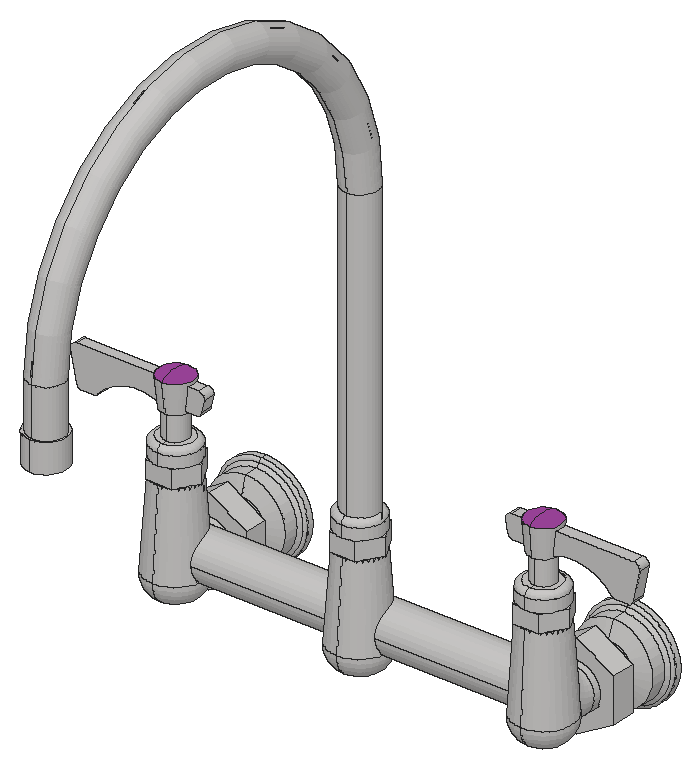
Revit family "Krowne_14-802L_WallMount_Faucet", category Plumbing Fixtures, Revit 2018
Family settings
  Round Connector Dimension = Use Diameter
  Part Type = Normal
  OmniClass Number = 23.40.40.00
  OmniClass Title = Food Service Equipment and Furnishings
  Work Plane-Based = No
  Always vertical = Yes
  Cut with Voids When Loaded = No
  Shared = No
  Room Calculation Point = No
Parameters (values of type "DefaultType")
  Width = 12"
  Weight in Pounds = 5
  Watermarked By = ""
  Waste Water Discharge Temperature [instance] = -459.67 °F
  URL Cutsheet = ""
  URL = "https://krowne.com/"
  Status [instance] = ""
  Specification by User [instance] = ""
  Specification by Manufacturer [instance] = ""
  Serial Number [instance] = ""
  Revision Code [instance] = ""
  Plumbing Remarks [instance] = ""
  Plumbing Connection Type = ""
  NAFEM Spec ID Number [instance] = ""
  Model = "14-802L"
  Masterspec [instance] = ""
  Manufacturer = "Krowne Metal"
  KCLRef = "KCL2C9,,0004c576-0000-0000-0000-000000000307,KR,14-802L ,637099800680000000,c64d4556-9eae-4a66-8f8a-d065013fd965,1413a27f-e5d5-4681-b70d-183254c7a9d2"
  KCL SpecSheet URL = "http://kclweb.kclcad.com/imagehandler.ashx?kdoc=14-8xx&R=KR&M=14-802L%20&VC=7&TID=KCLWeb&T=doc"
  Item Number [instance] = "-"
  Installed By [instance] = ""
  Hot Water Temperature = 100 °F
  Hot Water Size = 1/2"
  Hot Water RI Height [instance] = 0"
  Hot Water Minimum Pressure = 0.00 psi
  Hot Water Maximum Pressure = 0.00 psi
  Hot Water Flow = 1.8 GPM
  Hot Water Consumption = 0 GPM
  Hot Water Connection Height = 0"
  Height = 3 15/16"
  Furnished By [instance] = ""
  Foodservice Equipment Identifier = yes
  Description = "Wall Mount Faucet"
  Depth = 1 7/8"
  Cold Water Temperature Recommended = -459.67 °F
  Cold Water Size = 1/2"
  Cold Water RI Height [instance] = 0"
  Cold Water Minimum Pressure = 0.00 psi
  Cold Water Maximum Pressure = 0.00 psi
  Cold Water Flow = 1.8 GPM
  Cold Water Consumption = ""
  Cold Water Connection Height = 0"
  CSI MasterFormat = ""
  Assembly Code = "E1090300"
Reference planes
  plane 1 "BACK": y = 0
  plane 2: z = 0
  plane 3 "LEFT": x = -471.569
  plane 4 "RIGHT": x = -166.769
  plane 5 "TOP": z = 100.013
  plane 6 "CENTER L/R": x = -319.169
  plane 7 "Top of Body": z = 44.45
  plane 8: y = -62.38
  plane 9: z = 377.825
  plane 10: z = 217.488
  plane 11: y = -279.4
Forms (mm)
  Sweep 1, solid, material "QF_Stainless-Polished"
    path origin (-319.169, 0, 0) x (0, 1, 0) y (0, 0, 1)
      loop
        line (-62.38, 44.45) -> (-62.38, 259.79)
        arc (-62.38, 259.79) -> (-170.89, 368.3) -> (-279.4, 259.79) r 108.51
        line (-279.4, 259.79) -> (-279.4, 217.488)
    profile origin (-319.169, -62.38, 152.12) x (0, -1, 0) y (1, 0, 0)
      loop
        circle (0, 0) r 9.525
      loop
        circle (0, 0) r 6.35
  Extrusion 2, solid, material "QF_Stainless-Polished"
    sketch origin (-319.169, -279.4, 217.488) x (0, -1, 0) y (-1, 0, 0)
      loop
        circle (0, 0) r 9.525
      loop
        circle (0, 0) r 11.113
    from 0 to -15.875
Lines and regions (mm)
  symbolic lines
    curve 1: arc (-319.169, -71.905, 0) -> (-328.694, -62.38, 0) -> (-319.169, -52.855, 0) r 9.525
    curve 2: arc (-319.169, -52.855, 0) -> (-309.644, -62.38, 0) -> (-319.169, -71.905, 0) r 9.525
    curve 3: arc (-328.694, -279.4, 0) -> (-325.905, -286.135, 0) -> (-319.169, -288.925, 0) r 9.525
    curve 4: arc (-319.169, -288.925, 0) -> (-312.434, -286.135, 0) -> (-309.644, -279.4, 0) r 9.525
    curve 5: line (-328.694, -279.4, 0) -> (-328.694, -62.38, 0)
    curve 6: line (-309.644, -62.38, 0) -> (-309.644, -279.4, 0)
Dimensions and locks
  "Width": plane 3 "LEFT" to plane 4 "RIGHT"
  "Height": plane 5 "TOP" to plane 2
  plane 7 "Top of Body" to level = 1 3/4"
  equal spacing: plane 3 "LEFT", plane 6 "CENTER L/R", plane 4 "RIGHT"
  plane 11 to plane 1 "BACK" = 11"
  plane 10 to plane 5 "TOP" = 4 5/8"
  plane 9 to plane 5 "TOP" = 10 15/16"
  aligned and locked: level to plane 2
  aligned and locked: plane 8 to Sweep 1 sketch curve
  aligned and locked: Sweep 1 sketch curve to plane 11
  aligned and locked: plane 10 to Sweep 1 sketch curve
Automatic sketch dimensions
  Sweep 1 sketch curve to plane 7 "Top of Body" = 0"
  plane 10 to Sweep 1 sketch curve = 1.66544"
  Sweep 1 sketch curve to Sweep 1 sketch curve = 0"  (x2)
  Sweep 1 sketch curve to plane 6 "CENTER L/R" = 0"
  Sweep 1 sketch curve to profile plane = 0"
  curve 3 to curve 4 = 0"
  plane 11 to curve 5 = 0"
  plane 8 to curve 5 = 0"
  curve 1 to plane 6 "CENTER L/R" = 0"
  plane 8 to curve 6 = 0"
  plane 8 to curve 1 = 0"
  curve 5 to curve 3 = 3/8"
  radius of Sweep 1 sketch curve = 3/8"
  radius of Sweep 1 sketch curve = 1/4"
  radius of Extrusion 2 sketch curve to Sweep 1 = 0"
  radius of Sweep 1 to Extrusion 2 sketch curve = 1/16"
Nested families
  nested 1: "QF_Krowne_14-8_Body" at (-4.763, 0, 0), type "QF_Krowne_14-8_Body"
Connectors
  piping at (-420.769, 6.35, 37.306), diameter 12.7, driven by "Hot Water Flow", driven by "Hot Water Size"
    settings: on nested 1, index 1, connector inside diameter 24", connector length 0", flow factor 0, pipe flow 1.8 GPM, pressure drop 0.00 psi, fitting loss kfactor 0, connector angle 0.00°, fixture units 0, engagement length 0", angle of deflection 0.00°, flow configuration 1, flow direction 1, fitting loss method 0, system type 19, joint type 0, gender type 0, connector reference index -1, connector utility 0, adjustable connector no, is connector primary yes, connector description "HOT WATER"
  piping at (-217.569, 6.35, 37.306), diameter 12.7, driven by "Cold Water Flow", driven by "Cold Water Size"
    settings: on nested 1, index 2, connector inside diameter 24", connector length 0", flow factor 0, pipe flow 1.8 GPM, pressure drop 0.00 psi, fitting loss kfactor 0, connector angle 0.00°, fixture units 0, engagement length 0", angle of deflection 0.00°, flow configuration 1, flow direction 1, fitting loss method 0, system type 20, joint type 0, gender type 0, connector reference index -1, connector utility 0, adjustable connector no, is connector primary no, connector description "COLD WATER"
Definition of nested family "QF_Krowne_14-8_Body"
  Parameters (values of type "QF_Krowne_14-8_Body")
    Width = 12 3/8"
    Watermarked By = ""
    Height = 3 7/8"
    Description = ""
    Depth = 4 15/16"
  Reference planes
    plane 1 "BACK": y = 0
    plane 2: z = 0
    plane 3 "LEFT": x = -471.569
    plane 4 "RIGHT": x = -157.244
    plane 5 "TOP": z = 128.588
    plane 6 "Center": x = -314.407
    plane 7 "Left of Handle": x = -416.007
    plane 8 "Right of Handle": x = -212.807
    plane 9 "Center of Handles": y = -125.412
    plane 10 "Top of Body": z = 74.612
    plane 11: x = -444.582
    plane 12: x = -184.232
    plane 13 "Faucet Handle Center": y = -62.706
    plane 14: y = -59.531
    plane 15: y = -65.881
    plane 16: z = 37.306
  Forms (mm)
    Extrusion 1, solid
      sketch origin (0, 0, 80.962) x (0, 1, 0) y (-1, 0, 0)
        loop
          line (-62.38, 401.719) -> (-50.006, 408.863) -> (-50.006, 423.151) -> (-62.38, 430.294) -> (-74.753, 423.151) -> (-74.753, 408.863) -> (-62.38, 401.719)
        loop
          line (-62.38, 198.519) -> (-50.006, 205.663) -> (-50.006, 219.951) -> (-62.38, 227.094) -> (-74.753, 219.951) -> (-74.753, 205.663) -> (-62.38, 198.519)
        loop
          line (-62.38, 300.119) -> (-50.006, 307.263) -> (-50.006, 321.551) -> (-62.38, 328.694) -> (-74.753, 321.551) -> (-74.753, 307.263) -> (-62.38, 300.119)
      from 0 to 9.525
    Revolve 2, solid
      sketch origin (-416.007, 0, 0) x (0, 1, 0) y (0, 0, 1)
        loop
          line (-62.706, 90.488) -> (-50.006, 90.488) -> (-50.006, 96.838)
          arc (-50.006, 96.838) -> (-50.936, 99.083) -> (-53.181, 100.013) r 3.175
          line (-53.181, 100.013) -> (-62.706, 100.013) -> (-62.706, 90.488)
        axis (-62.706, 90.488) -> (-62.706, 100.013)
      angle from 0 to 360
    Revolve 3, solid
      sketch origin (-212.807, 0, 0) x (0, 1, 0) y (0, 0, 1)
        loop
          line (-62.706, 100.012) -> (-56.356, 100.012) -> (-56.356, 114.3) -> (-62.706, 114.3) -> (-62.706, 100.012)
        axis (-62.706, 100.012) -> (-62.706, 114.3)
      angle from 0 to 360
    Revolve 4, solid
      sketch origin (-416.007, 0, 0) x (0, 1, 0) y (0, 0, 1)
        loop
          line (-62.706, 100.013) -> (-56.356, 100.013) -> (-56.356, 114.3) -> (-62.706, 114.3) -> (-62.706, 100.013)
        axis (-62.706, 100.013) -> (-62.706, 114.3)
      angle from 0 to 360
    Revolve 5, solid
      sketch origin (-416.007, 0, 0) x (0, 1, 0) y (0, 0, 1)
        loop
          line (-62.706, 114.3) -> (-54.769, 114.3) -> (-53.181, 130.175) -> (-62.706, 130.175) -> (-62.706, 114.3)
        axis (-62.706, 114.3) -> (-62.706, 130.175)
      angle from 0 to 360
    Revolve 6, solid
      sketch origin (-212.807, 0, 0) x (0, 1, 0) y (0, 0, 1)
        loop
          line (-62.706, 114.3) -> (-54.769, 114.3) -> (-53.181, 130.175) -> (-62.706, 130.175) -> (-62.706, 114.3)
        axis (-62.706, 114.3) -> (-62.706, 130.175)
      angle from 0 to 360
    Revolve 7, solid
      sketch origin (-416.007, 0, 0) x (0, 1, 0) y (0, 0, 1)
        loop
          line (-62.706, 130.175) -> (-53.181, 130.175)
          arc (-53.181, 130.175) -> (-57.646, 132.655) -> (-62.706, 133.35) r 13.869
          line (-62.706, 133.35) -> (-62.706, 130.175)
        axis (-62.706, 130.175) -> (-62.706, 133.35)
      angle from 0 to 360
    Revolve 8, solid
      sketch origin (-212.807, 0, 0) x (0, 1, 0) y (0, 0, 1)
        loop
          line (-62.706, 130.175) -> (-53.181, 130.175)
          arc (-53.181, 130.175) -> (-57.646, 132.655) -> (-62.706, 133.35) r 13.869
          line (-62.706, 133.35) -> (-62.706, 130.175)
        axis (-62.706, 130.175) -> (-62.706, 133.35)
      angle from 0 to 360
    Extrusion 9, solid
      sketch origin (0, -62.706, 0) x (1, 0, 0) y (0, 0, 1)
        loop
          arc (-468.332, 128.588) -> (-470.787, 127.425) -> (-471.445, 124.79) r 3.175
          line (-471.445, 124.79) -> (-468.27, 108.916)
          arc (-468.27, 108.916) -> (-467.17, 107.083) -> (-465.157, 106.364) r 3.175
          line (-465.157, 106.364) -> (-458.81, 106.364)
          arc (-458.81, 106.364) -> (-457.469, 106.66) -> (-456.379, 107.496) r 3.175
          arc (-456.379, 107.496) -> (-441.832, 116.771) -> (-424.594, 116.065) r 28.792
          arc (-424.594, 116.065) -> (-424.065, 115.925) -> (-423.52, 115.878) r 3.175
          line (-423.52, 115.878) -> (-402.102, 115.878)
          arc (-402.102, 115.878) -> (-400.089, 116.597) -> (-398.988, 118.43) r 3.175
          line (-398.988, 118.43) -> (-397.716, 124.79)
          arc (-397.716, 124.79) -> (-398.374, 127.425) -> (-400.83, 128.588) r 3.175
          line (-400.83, 128.588) -> (-468.332, 128.588)
        loop
          line (-160.482, 128.588) -> (-227.984, 128.588)
          arc (-227.984, 128.588) -> (-230.439, 127.425) -> (-231.097, 124.79) r 3.175
          line (-231.097, 124.79) -> (-229.826, 118.43)
          arc (-229.826, 118.43) -> (-228.725, 116.597) -> (-226.712, 115.878) r 3.175
          line (-226.712, 115.878) -> (-205.294, 115.878)
          arc (-205.294, 115.878) -> (-204.749, 115.925) -> (-204.22, 116.065) r 3.175
          arc (-204.22, 116.065) -> (-186.982, 116.771) -> (-172.435, 107.496) r 28.792
          arc (-172.435, 107.496) -> (-171.345, 106.66) -> (-170.004, 106.364) r 3.175
          line (-170.004, 106.364) -> (-163.657, 106.364)
          arc (-163.657, 106.364) -> (-161.644, 107.083) -> (-160.544, 108.916) r 3.175
          line (-160.544, 108.916) -> (-157.369, 124.79)
          arc (-157.369, 124.79) -> (-158.027, 127.425) -> (-160.482, 128.588) r 3.175
      from -3.175 to 3.175
    Extrusion 10, solid
      sketch origin (0, 0, 0) x (1, 0, 0) y (0, 0, 1)
        loop
          circle (-416.007, 37.306) r 6.35
        loop
          circle (-212.807, 37.306) r 6.35
      from 0 to -6.35
    Revolve 11, solid
      sketch origin (-212.807, 0, 0) x (0, 1, 0) y (0, 0, 1)
        loop
          line (-62.706, 90.488) -> (-50.006, 90.488) -> (-50.006, 96.838)
          arc (-50.006, 96.838) -> (-50.936, 99.083) -> (-53.181, 100.013) r 3.175
          line (-53.181, 100.013) -> (-62.706, 100.013) -> (-62.706, 90.488)
        axis (-62.706, 90.488) -> (-62.706, 100.013)
      angle from 0 to 360
    Revolve 12, solid
      sketch origin (-416.007, 0, 0) x (0, 1, 0) y (0, 0, 1)
        loop
          line (0, 37.306) -> (0, 62.706) -> (-3.175, 62.706)
          arc (-3.175, 62.706) -> (-4.298, 62.241) -> (-4.762, 61.119) r 1.588
          line (-4.762, 61.119) -> (-6.75, 59.131) -> (-14.287, 59.131) -> (-17.462, 50.006) -> (-26.987, 50.006) -> (-26.988, 37.306) -> (0, 37.306)
        axis (0, 37.306) -> (-26.988, 37.306)
      angle from 0 to 360
    Revolve 13, solid
      sketch origin (-212.807, 0, 0) x (0, 1, 0) y (0, 0, 1)
        loop
          line (0, 37.306) -> (0, 62.706) -> (-3.175, 62.706)
          arc (-3.175, 62.706) -> (-4.298, 62.241) -> (-4.762, 61.119) r 1.588
          line (-4.762, 61.119) -> (-6.75, 59.131) -> (-14.287, 59.131) -> (-17.462, 50.006) -> (-26.987, 50.006) -> (-26.988, 37.306) -> (0, 37.306)
        axis (0, 37.306) -> (-26.988, 37.306)
      angle from 0 to 360
    Extrusion 14, solid
      sketch origin (-416.007, -26.988, 37.306) x (0, 0, 1) y (-1, 0, 0)
        loop
          line (11.915, -20.638) -> (23.83, 0) -> (11.915, 20.637) -> (-11.915, 20.637) -> (-23.83, 0) -> (-11.915, -20.637) -> (11.915, -20.638)
        loop
          line (11.915, -223.837) -> (23.83, -203.2) -> (11.915, -182.562) -> (-11.915, -182.562) -> (-23.83, -203.2) -> (-11.915, -223.837) -> (11.915, -223.837)
      from 0 to 12.7
    Sweep 15, solid
      path origin (-416.007, 0, 0) x (0, 1, 0) y (0, 0, 1)
        loop
          line (-26.988, 37.306) -> (-43.656, 37.306)
          arc (-43.656, 37.306) -> (-57.127, 42.886) -> (-62.706, 56.356) r 19.05
          line (-62.706, 56.356) -> (-62.706, 80.962)
      profile origin (-416.007, -35.322, 37.306) x (0, 0, -1) y (1, 0, 0)
        loop
          circle (0, 0) r 12.7
    Sweep 16, solid
      path origin (-212.807, 0, 0) x (0, 1, 0) y (0, 0, 1)
        loop
          line (-26.988, 37.306) -> (-43.656, 37.306)
          arc (-43.656, 37.306) -> (-57.127, 42.886) -> (-62.706, 56.356) r 19.05
          line (-62.706, 56.356) -> (-62.706, 80.962)
      profile origin (-212.807, -35.322, 37.306) x (0, 0, -1) y (1, 0, 0)
        loop
          circle (0, 0) r 12.7
    Extrusion 17, solid
      sketch origin (-416.007, 0, 0) x (0, 1, 0) y (0, 0, 1)
        loop
          circle (-57.127, 42.886) r 12.7
      from 0 to 203.2
    Sweep 18, solid
      path origin (-314.407, 0, 0) x (0, 1, 0) y (0, 0, 1)
        loop
          arc (-56.044, 41.884) -> (-60.961, 48.39) -> (-62.706, 56.356) r 19.05
          line (-62.706, 56.356) -> (-62.706, 80.962)
      profile origin (-314.407, -62.706, 68.659) x (0, -1, 0) y (1, 0, 0)
        loop
          circle (0, 0) r 12.7
    Revolve 19, solid
      sketch origin (-314.407, 0, 0) x (0, 1, 0) y (0, 0, 1)
        loop
          line (-62.706, 90.488) -> (-50.006, 90.488) -> (-50.006, 96.838)
          arc (-50.006, 96.838) -> (-50.936, 99.083) -> (-53.181, 100.013) r 3.175
          line (-53.181, 100.013) -> (-62.706, 100.013) -> (-62.706, 90.488)
        axis (-62.706, 90.488) -> (-62.706, 100.013)
      angle from 0 to 360
    Revolve 20, solid
      sketch origin (-416.007, 0, 0) x (0, 1, 0) y (0, 0, 1)
        loop
          line (-50.006, 80.962) -> (-62.706, 80.962) -> (-62.706, 20.044) -> (-59.365, 20.044)
          arc (-59.365, 20.044) -> (-50.077, 24.083) -> (-46.696, 33.63) r 12.7
          line (-46.696, 33.63) -> (-50.006, 80.962)
        axis (-62.706, 20.044) -> (-62.706, 80.962)
      angle from 0 to 360
    Revolve 21, solid
      sketch origin (-212.807, 0, 0) x (0, 1, 0) y (0, 0, 1)
        loop
          line (-50.006, 80.962) -> (-62.706, 80.962) -> (-62.706, 20.044) -> (-59.365, 20.044)
          arc (-59.365, 20.044) -> (-50.077, 24.083) -> (-46.696, 33.63) r 12.7
          line (-46.696, 33.63) -> (-50.006, 80.962)
        axis (-62.706, 20.044) -> (-62.706, 80.962)
      angle from 0 to 360
    Revolve 22, solid
      sketch origin (-314.407, 0, 0) x (0, 1, 0) y (0, 0, 1)
        loop
          line (-50.006, 80.962) -> (-62.706, 80.962) -> (-62.706, 20.044) -> (-59.365, 20.044)
          arc (-59.365, 20.044) -> (-50.077, 24.083) -> (-46.696, 33.63) r 12.7
          line (-46.696, 33.63) -> (-50.006, 80.962)
        axis (-62.706, 20.044) -> (-62.706, 80.962)
      angle from 0 to 360
  Lines and regions (mm)
    symbolic lines
      curve 1: line (-471.445, -59.531, 74.612) -> (-397.655, -59.531, 74.612)
      curve 2: line (-471.445, -65.881, 74.612) -> (-471.445, -59.531, 74.612)
      curve 3: line (-397.655, -65.881, 74.612) -> (-471.445, -65.881, 74.612)
      curve 4: line (-397.655, -59.531, 74.612) -> (-397.655, -65.881, 74.612)
      curve 5: line (-157.244, -59.531, 74.612) -> (-231.159, -59.531, 74.612)
      curve 6: line (-157.244, -65.881, 74.612) -> (-157.244, -59.531, 74.612)
      curve 7: line (-231.159, -65.881, 74.612) -> (-157.244, -65.881, 74.612)
      curve 8: line (-231.159, -59.531, 74.612) -> (-231.159, -65.881, 74.612)
      curve 9: line (-423.151, -50.333, 74.612) -> (-428.461, -59.531, 74.612)
      curve 10: line (-423.151, -50.333, 74.612) -> (-408.863, -50.333, 74.612)
      curve 11: line (-408.863, -50.333, 74.612) -> (-403.553, -59.531, 74.612)
      curve 12: line (-408.863, -75.08, 74.612) -> (-423.151, -75.08, 74.612)
      curve 13: line (-423.151, -75.08, 74.612) -> (-428.461, -65.881, 74.612)
      curve 14: line (-408.863, -75.08, 74.612) -> (-403.553, -65.881, 74.612)
      curve 15: line (-219.951, -50.333, 74.612) -> (-205.663, -50.333, 74.612)
      curve 16: line (-205.663, -50.333, 74.612) -> (-200.353, -59.531, 74.612)
      curve 17: line (-219.951, -50.333, 74.612) -> (-225.261, -59.531, 74.612)
      curve 18: line (-205.663, -75.08, 74.612) -> (-219.951, -75.08, 74.612)
      curve 19: line (-219.951, -75.08, 74.612) -> (-225.261, -65.881, 74.612)
      curve 20: line (-205.663, -75.08, 74.612) -> (-200.353, -65.881, 74.612)
      curve 21: line (-328.694, -62.38, 74.612) -> (-321.551, -74.753, 74.612)
      curve 22: line (-321.551, -74.753, 74.612) -> (-307.263, -74.753, 74.612)
      curve 23: line (-307.263, -74.753, 74.612) -> (-300.119, -62.38, 74.612)
      curve 24: line (-300.119, -62.38, 74.612) -> (-307.263, -50.006, 74.612)
      curve 25: line (-307.263, -50.006, 74.612) -> (-321.551, -50.006, 74.612)
      curve 26: line (-321.551, -50.006, 74.612) -> (-328.694, -62.38, 74.612)
      curve 27: line (-441.407, 0, 74.612) -> (-390.607, 0, 74.612)
      curve 28: line (-441.407, 0, 74.612) -> (-441.407, -3.175, 74.612)
      curve 29: line (-437.831, -6.75, 74.612) -> (-439.819, -4.763, 74.612)
      curve 30: arc (-439.819, -4.763, 74.612) -> (-440.942, -4.298, 74.612) -> (-441.407, -3.175, 74.612) r 1.588
      curve 31: line (-437.831, -6.75, 74.612) -> (-437.831, -14.288, 74.612)
      curve 32: line (-437.831, -14.288, 74.612) -> (-428.707, -17.463, 74.612)
      curve 33: line (-428.707, -17.463, 74.612) -> (-428.707, -26.987, 74.612)
      curve 34: line (-428.707, -26.987, 74.612) -> (-436.644, -26.987, 74.612)
      curve 35: line (-436.644, -26.987, 74.612) -> (-436.644, -39.688, 74.612)
      curve 36: line (-436.644, -39.688, 74.612) -> (-428.719, -39.687, 74.612)
      curve 37: line (-428.719, -39.687, 74.612) -> (-428.719, -59.531, 74.612)
      curve 38: line (-390.607, 0, 74.612) -> (-390.607, -3.175, 74.612)
      curve 39: line (-394.182, -6.75, 74.612) -> (-392.194, -4.763, 74.612)
      curve 40: arc (-392.194, -4.763, 74.612) -> (-391.072, -4.298, 74.612) -> (-390.607, -3.175, 74.612) r 1.588
      curve 41: line (-394.182, -6.75, 74.612) -> (-394.182, -14.288, 74.612)
      curve 42: line (-394.182, -14.288, 74.612) -> (-403.307, -17.463, 74.612)
      curve 43: line (-403.307, -17.463, 74.612) -> (-403.307, -26.987, 74.612)
      curve 44: line (-403.307, -26.987, 74.612) -> (-395.369, -26.987, 74.612)
      curve 45: line (-395.369, -26.987, 74.612) -> (-395.369, -39.688, 74.612)
      curve 46: line (-395.369, -39.688, 74.612) -> (-403.295, -39.687, 74.612)
      curve 47: line (-403.295, -39.687, 74.612) -> (-403.295, -59.531, 74.612)
      curve 48: line (-205.663, -50.333, 74.612) -> (-219.951, -50.333, 74.612)
      curve 49: line (-187.407, 0, 74.612) -> (-238.207, 0, 74.612)
      curve 50: line (-187.407, 0, 74.612) -> (-187.407, -3.175, 74.612)
      curve 51: line (-190.982, -6.75, 74.612) -> (-188.994, -4.763, 74.612)
      curve 52: arc (-188.994, -4.763, 74.612) -> (-187.872, -4.298, 74.612) -> (-187.407, -3.175, 74.612) r 1.588
      curve 53: line (-190.982, -6.75, 74.612) -> (-190.982, -14.288, 74.612)
      curve 54: line (-190.982, -14.288, 74.612) -> (-200.107, -17.463, 74.612)
      curve 55: line (-200.107, -17.463, 74.612) -> (-200.107, -26.987, 74.612)
      curve 56: line (-200.107, -26.987, 74.612) -> (-192.169, -26.987, 74.612)
      curve 57: line (-192.169, -26.987, 74.612) -> (-192.169, -39.688, 74.612)
      curve 58: line (-192.169, -39.688, 74.612) -> (-200.095, -39.687, 74.612)
      curve 59: line (-200.095, -39.687, 74.612) -> (-200.095, -59.531, 74.612)
      curve 60: line (-238.207, 0, 74.612) -> (-238.207, -3.175, 74.612)
      curve 61: line (-234.631, -6.75, 74.612) -> (-236.619, -4.763, 74.612)
      curve 62: arc (-236.619, -4.763, 74.612) -> (-237.742, -4.298, 74.612) -> (-238.207, -3.175, 74.612) r 1.588
      curve 63: line (-234.631, -6.75, 74.612) -> (-234.631, -14.288, 74.612)
      curve 64: line (-234.631, -14.288, 74.612) -> (-225.507, -17.463, 74.612)
      curve 65: line (-225.507, -17.463, 74.612) -> (-225.507, -26.987, 74.612)
      curve 66: line (-225.507, -26.987, 74.612) -> (-233.444, -26.987, 74.612)
      curve 67: line (-233.444, -26.987, 74.612) -> (-233.444, -39.688, 74.612)
      curve 68: line (-233.444, -39.688, 74.612) -> (-225.519, -39.687, 74.612)
      curve 69: line (-225.519, -39.687, 74.612) -> (-225.519, -59.531, 74.612)
      curve 70: line (-403.295, -44.504, 74.612) -> (-225.519, -44.504, 74.612)
      curve 71: line (-405.528, -69.303, 74.612) -> (-324.697, -69.303, 74.612)
      curve 72: line (-303.555, -69.303, 74.612) -> (-223.286, -69.303, 74.612)
  Dimensions and locks
    "Width": plane 3 "LEFT" to plane 4 "RIGHT"
    equal spacing: plane 3 "LEFT", plane 6 "Center", plane 4 "RIGHT"
    "Depth": plane 9 "Center of Handles" to plane 1 "BACK"
    plane 10 "Top of Body" to level = 2 15/16"
    equal spacing: plane 10 "Top of Body", plane 16, level
    locked: plane 3 "LEFT" to plane 11 at 26.988
    locked: plane 12 to plane 4 "RIGHT" at 26.988
    locked: plane 8 "Right of Handle" to plane 12 at 28.575
    locked: plane 11 to plane 7 "Left of Handle" at 28.575
    locked: plane 5 "TOP" to plane 10 "Top of Body" at 53.975
    equal spacing: plane 15, plane 13 "Faucet Handle Center", plane 14, locked at 3.175 each
    plane 15 to plane 14 = 1/4"
    equal spacing: plane 9 "Center of Handles", plane 13 "Faucet Handle Center", plane 1 "BACK"
    aligned and locked: level to plane 2
    aligned and locked: Revolve 5 sketch curve to Revolve 5 sketch curve
    aligned and locked: Revolve 6 sketch curve to Revolve 6 sketch curve
    aligned and locked: Extrusion 9 sketch curve to plane 5 "TOP"
    aligned and locked: plane 5 "TOP" to Extrusion 9 sketch curve
    aligned and locked: Extrusion 9 to plane 14
    aligned and locked: curve 1 to Extrusion 9
    aligned and locked: curve 2 to Extrusion 9
    aligned and locked: curve 3 to Extrusion 9
    aligned and locked: curve 5 to Extrusion 9
    aligned and locked: Extrusion 9 to curve 7
    aligned and locked: plane 4 "RIGHT" to curve 6
    aligned and locked: Revolve 11 sketch curve to plane 13 "Faucet Handle Center"
    aligned and locked: plane 8 "Right of Handle" to Extrusion 17
    aligned and locked: plane 13 "Faucet Handle Center" to Revolve 20 sketch curve
  Automatic sketch dimensions
    Revolve 2 sketch curve to plane 13 "Faucet Handle Center" = 0"  (x2)
    Revolve 2 sketch curve to Revolve 2 sketch curve = 3/8"
    Revolve 2 sketch curve to Revolve 2 sketch curve = 1/8"
    plane 10 "Top of Body" to Revolve 2 sketch curve = 5/8"
    Revolve 2 sketch curve to Revolve 2 sketch curve = 1/4"
    Revolve 2 sketch curve to Revolve 2 sketch curve = 0"  (x2)
    Revolve 3 sketch curve to plane 13 "Faucet Handle Center" = 0"  (x2)
    Revolve 3 sketch curve to plane 13 "Faucet Handle Center" = 1/4"
    plane 10 "Top of Body" to Revolve 3 sketch curve = 1"
    Revolve 3 sketch curve to Revolve 3 sketch curve = 9/16"
    Revolve 3 sketch curve to Revolve 3 sketch curve = 3/8"
    Revolve 3 sketch curve to Revolve 3 sketch curve = 0"
    Revolve 4 sketch curve to plane 13 "Faucet Handle Center" = 0"  (x2)
    Revolve 4 sketch curve to Revolve 4 sketch curve = 1/4"
    plane 10 "Top of Body" to Revolve 4 sketch curve = 1"
    Revolve 4 sketch curve to Revolve 4 sketch curve = 9/16"
    Revolve 4 sketch curve to Revolve 4 sketch curve = 3/8"
    Revolve 4 sketch curve to Revolve 4 sketch curve = 0"
    Revolve 5 sketch curve to plane 13 "Faucet Handle Center" = 0"
    Revolve 5 sketch curve to Revolve 5 sketch curve = 5/16"
    plane 5 "TOP" to Revolve 5 sketch curve = 1/16"
    Revolve 5 sketch curve to Revolve 5 sketch curve = 3/8"
    Revolve 5 sketch curve to plane 5 "TOP" = 9/16"
    Revolve 5 sketch curve to Revolve 5 sketch curve = 0"  (x2)
    Revolve 6 sketch curve to plane 13 "Faucet Handle Center" = 0"
    Revolve 6 sketch curve to plane 13 "Faucet Handle Center" = 5/16"
    plane 5 "TOP" to Revolve 6 sketch curve = 1/16"
    Revolve 6 sketch curve to plane 13 "Faucet Handle Center" = 3/8"
    Revolve 6 sketch curve to plane 5 "TOP" = 9/16"
    Revolve 6 sketch curve to Revolve 6 sketch curve = 0"  (x2)
    Revolve 7 sketch curve to plane 13 "Faucet Handle Center" = 0"  (x2)
    Revolve 7 sketch curve to plane 13 "Faucet Handle Center" = 0.02655"
    plane 5 "TOP" to Revolve 7 sketch curve = 1/16"
    Revolve 7 sketch curve to Revolve 7 sketch curve = 3/8"
    Revolve 7 sketch curve to plane 5 "TOP" = 0.35786"
    Revolve 7 sketch curve to Revolve 7 sketch curve = 0"  (x2)
    Revolve 8 sketch curve to plane 13 "Faucet Handle Center" = 0"  (x2)
    Revolve 8 sketch curve to plane 13 "Faucet Handle Center" = 0.02655"
    plane 5 "TOP" to Revolve 8 sketch curve = 1/16"
    Revolve 8 sketch curve to Revolve 8 sketch curve = 3/8"
    Revolve 8 sketch curve to plane 5 "TOP" = 0.35786"
    Revolve 8 sketch curve to Revolve 8 sketch curve = 0"  (x2)
    Revolve 12 sketch curve to plane 9 "Center of Handles" = 0"
    Revolve 12 sketch curve to plane 16 = 0"  (x2)
    Revolve 12 sketch curve to plane 1 "BACK" = 0"  (x2)
    plane 16 to Revolve 12 sketch curve = 1/2"
    plane 1 "BACK" to Revolve 12 sketch curve = 1 1/16"
    Revolve 12 sketch curve to Revolve 12 sketch curve = 3/8"
    Revolve 12 sketch curve to Revolve 12 sketch curve = 1/8"
    plane 1 "BACK" to Revolve 12 sketch curve = 0.26577"
    Revolve 12 sketch curve to Revolve 12 sketch curve = 0.07827"  (x2)
    Revolve 12 sketch curve to Revolve 12 sketch curve = 1/16"
    Revolve 12 sketch curve to Revolve 12 sketch curve = 0.35923"
    Revolve 13 sketch curve to plane 9 "Center of Handles" = 0"
    Revolve 13 sketch curve to plane 16 = 0"  (x2)
    Revolve 13 sketch curve to plane 1 "BACK" = 0"  (x2)
    Revolve 13 sketch curve to Revolve 13 sketch curve = 1 1/16"
    Revolve 13 sketch curve to Revolve 13 sketch curve = 3/8"
    Revolve 13 sketch curve to Revolve 13 sketch curve = 1/8"
    plane 1 "BACK" to Revolve 13 sketch curve = 0.26577"
    Revolve 13 sketch curve to Revolve 13 sketch curve = 0.07827"  (x2)
    Revolve 13 sketch curve to Revolve 13 sketch curve = 1/16"
    plane 16 to Revolve 13 sketch curve = 1/2"
    Revolve 13 sketch curve to Revolve 13 sketch curve = 0.35923"
    Revolve 12 to Extrusion 14 sketch curve = 0"
    Extrusion 14 sketch curve to Revolve 12 = 0"
    Revolve 12 to Extrusion 14 sketch curve = 8"  (x2)
    Extrusion 14 sketch curve to Extrusion 14 sketch curve = 0"
    Extrusion 14 sketch curve to Extrusion 14 sketch curve = 0.4691"  (x6)
    Extrusion 14 sketch curve to Extrusion 14 sketch curve = 0.93819"  (x4)
    Revolve 12 to Extrusion 14 sketch curve = 7 3/16"
    Revolve 12 to Extrusion 14 sketch curve = 8 13/16"
    Revolve 12 to Extrusion 14 sketch curve = 13/16"
    Extrusion 14 sketch curve to Revolve 12 = 13/16"
    plane 15 to Extrusion 1 sketch curve = 0.34928"  (x3)
    Extrusion 1 sketch curve to plane 13 "Faucet Handle Center" = 0.01286"  (x6)
    Extrusion 1 sketch curve to plane 14 = 3/8"  (x3)
    plane 8 "Right of Handle" to Extrusion 1 sketch curve = 9/16"
    plane 8 "Right of Handle" to Extrusion 1 sketch curve = 9/32"  (x2)
    Extrusion 1 sketch curve to plane 8 "Right of Handle" = 9/32"  (x2)
    Extrusion 1 sketch curve to plane 8 "Right of Handle" = 9/16"
    plane 6 "Center" to Extrusion 1 sketch curve = 9/16"
    plane 6 "Center" to Extrusion 1 sketch curve = 9/32"  (x2)
    Extrusion 1 sketch curve to plane 6 "Center" = 9/32"  (x2)
    Extrusion 1 sketch curve to Extrusion 1 sketch curve = 9/32"  (x2)
    plane 7 "Left of Handle" to Extrusion 1 sketch curve = 9/16"
    plane 7 "Left of Handle" to Extrusion 1 sketch curve = 9/32"  (x2)
    Extrusion 1 sketch curve to plane 7 "Left of Handle" = 9/32"  (x2)
    plane 3 "LEFT" to Extrusion 9 sketch curve = 0.0049"
    Extrusion 9 sketch curve to Extrusion 9 sketch curve = 0.12257"  (x5)
    plane 3 "LEFT" to Extrusion 9 sketch curve = 0.12989"
    Extrusion 9 sketch curve to Extrusion 9 sketch curve = 0.24989"  (x2)
    plane 11 to Extrusion 9 sketch curve = 0.40333"
    Extrusion 9 sketch curve to plane 7 "Left of Handle" = 0.29578"
    plane 7 "Left of Handle" to Extrusion 9 sketch curve = 0.54745"
    Extrusion 9 sketch curve to plane 5 "TOP" = 1/8"  (x2)
    Extrusion 9 sketch curve to Extrusion 9 sketch curve = 0.05007"  (x2)
    Extrusion 9 sketch curve to plane 5 "TOP" = 0.39989"
    Extrusion 9 sketch curve to plane 5 "TOP" = 0.14951"  (x4)
    Extrusion 9 sketch curve to plane 8 "Right of Handle" = 0.7201"
    plane 8 "Right of Handle" to Extrusion 9 sketch curve = 0.29578"
    Extrusion 9 sketch curve to plane 12 = 0.40333"
    Extrusion 9 sketch curve to plane 4 "RIGHT" = 0.50235"
    Extrusion 9 sketch curve to plane 4 "RIGHT" = 0.12748"
    Extrusion 9 sketch curve to plane 4 "RIGHT" = 0.0049"
    Extrusion 9 sketch curve to Extrusion 9 sketch curve = 0.25038"
    Extrusion 9 sketch curve to plane 5 "TOP" = 0.50038"
    Extrusion 9 sketch curve to Extrusion 9 sketch curve = 0.10049"
    Extrusion 9 sketch curve to plane 5 "TOP" = 0.74996"  (x2)
    Extrusion 9 sketch curve to Extrusion 9 sketch curve = 0"  (x4)
    Extrusion 9 sketch curve to Extrusion 9 sketch curve = 0.02451"  (x2)
    plane 10 "Top of Body" to Extrusion 9 sketch curve = 0.56533"  (x2)
    Extrusion 9 sketch curve to Extrusion 9 sketch curve = 1/8"  (x2)
    Extrusion 10 sketch curve to plane 7 "Left of Handle" = 0"
    Extrusion 10 sketch curve to plane 8 "Right of Handle" = 0"
    Extrusion 10 sketch curve to plane 16 = 0"  (x2)
    Revolve 11 sketch curve to plane 13 "Faucet Handle Center" = 0"
    Revolve 11 sketch curve to plane 14 = 1/4"
    Revolve 11 sketch curve to Revolve 11 sketch curve = 1/8"
    plane 10 "Top of Body" to Revolve 11 sketch curve = 5/8"
    Revolve 11 sketch curve to Revolve 11 sketch curve = 1/4"
    Revolve 11 sketch curve to Revolve 11 sketch curve = 0"  (x2)
    Sweep 15 sketch curve to plane 13 "Faucet Handle Center" = 0"
    Sweep 15 sketch curve to plane 16 = 0"
    Sweep 15 sketch curve to plane 14 = 5/8"
    Sweep 15 sketch curve to Sweep 15 sketch curve = 21/32"
    plane 10 "Top of Body" to Sweep 15 sketch curve = 1/4"
    Sweep 15 sketch curve to plane 7 "Left of Handle" = 0"
    Sweep 15 sketch curve to profile plane = 0"
    Sweep 16 sketch curve to plane 13 "Faucet Handle Center" = 0"
    Sweep 16 sketch curve to plane 16 = 0"
    Sweep 16 sketch curve to plane 14 = 5/8"
    Sweep 16 sketch curve to Sweep 16 sketch curve = 21/32"
    plane 10 "Top of Body" to Sweep 16 sketch curve = 1/4"
    Sweep 16 sketch curve to plane 8 "Right of Handle" = 0"
    Sweep 16 sketch curve to profile plane = 0"
    Extrusion 17 sketch curve to plane 14 = 0.09467"
    plane 16 to Extrusion 17 sketch curve = 0.21967"
    Sweep 18 sketch curve to plane 13 "Faucet Handle Center" = 0"
    Sweep 18 sketch curve to plane 14 = 5/8"
    Sweep 18 sketch curve to plane 10 "Top of Body" = 23/32"
    Sweep 18 sketch curve to plane 14 = 0.1373"
    plane 10 "Top of Body" to Sweep 18 sketch curve = 1/4"
    Sweep 18 sketch curve to plane 6 "Center" = 0"
    Sweep 18 sketch curve to profile plane = 0"
    Revolve 19 sketch curve to plane 13 "Faucet Handle Center" = 0"  (x2)
    Revolve 19 sketch curve to plane 14 = 1/4"
    Revolve 19 sketch curve to Revolve 19 sketch curve = 1/8"
    plane 10 "Top of Body" to Revolve 19 sketch curve = 5/8"
    Revolve 19 sketch curve to Revolve 19 sketch curve = 1/4"
    Revolve 19 sketch curve to Revolve 19 sketch curve = 0"  (x2)
    plane 1 "BACK" to curve 27 = 0"
    plane 1 "BACK" to curve 49 = 0"
    plane 15 to curve 21 = 0.34928"
    plane 15 to curve 12 = 0.36214"
    curve 23 to plane 13 "Faucet Handle Center" = 0.01286"
    curve 21 to plane 13 "Faucet Handle Center" = 0.01286"
    curve 9 to plane 14 = 0.36214"
    curve 17 to plane 14 = 0.36214"
    curve 25 to plane 14 = 3/8"
    curve 15 to curve 67 = 0.41911"
    curve 10 to curve 47 = 0.41911"
    curve 57 to plane 12 = 5/16"
    curve 15 to curve 57 = 0.41911"
    plane 11 to curve 35 = 5/16"
    curve 9 to curve 35 = 0.41911"
    curve 68 to curve 66 = 1/2"
    curve 57 to curve 57 = 1/2"
    curve 46 to curve 43 = 1/2"
    curve 36 to curve 33 = 1/2"
    curve 65 to curve 65 = 3/8"
    curve 55 to curve 54 = 3/8"
    curve 33 to curve 33 = 3/8"
    curve 43 to curve 42 = 3/8"
    curve 64 to curve 63 = 1/8"
    plane 11 to curve 32 = 0.26577"
    curve 32 to curve 32 = 1/8"
    curve 42 to curve 42 = 1/8"
    curve 54 to curve 53 = 1/8"
    plane 1 "BACK" to curve 63 = 0.26577"
    plane 1 "BACK" to curve 41 = 0.26577"
    plane 1 "BACK" to curve 51 = 0.26577"
    plane 1 "BACK" to curve 31 = 0.26577"
    curve 51 to curve 51 = 0.07827"
    curve 29 to curve 29 = 0.07827"
    curve 61 to curve 61 = 0.07827"  (x2)
    curve 39 to curve 39 = 0.07827"
    curve 62 to curve 62 = 1/16"
    curve 39 to curve 38 = 1/16"
    curve 52 to curve 52 = 1/16"
    curve 29 to curve 30 = 1/16"
    curve 50 to plane 12 = 1/8"
    curve 53 to plane 12 = 0.26577"
    curve 57 to curve 58 = 0.31203"
    curve 53 to curve 55 = 0.35923"
    plane 8 "Right of Handle" to curve 15 = 9/32"
    plane 8 "Right of Handle" to curve 18 = 9/32"
    curve 15 to plane 8 "Right of Handle" = 9/32"
    curve 18 to plane 8 "Right of Handle" = 9/32"
    curve 66 to plane 8 "Right of Handle" = 1/2"
    curve 15 to curve 68 = 0.21922"
    curve 69 to curve 8 = 0.22206"
    curve 65 to curve 66 = 5/16"
    curve 64 to curve 63 = 0.35923"
    plane 6 "Center" to curve 24 = 9/16"
    plane 6 "Center" to curve 23 = 9/32"
    plane 6 "Center" to curve 24 = 9/32"
    curve 26 to plane 6 "Center" = 9/32"
    curve 21 to plane 6 "Center" = 9/32"
    curve 21 to curve 21 = 9/32"
    plane 7 "Left of Handle" to curve 27 = 1"
    curve 40 to curve 39 = 0.07827"
    plane 7 "Left of Handle" to curve 45 = 13/16"
    plane 7 "Left of Handle" to curve 4 = 0.72253"
    curve 45 to curve 47 = 0.31203"
    curve 41 to curve 43 = 0.35923"
    plane 7 "Left of Handle" to curve 10 = 9/32"
    plane 7 "Left of Handle" to curve 12 = 9/32"
    curve 12 to plane 7 "Left of Handle" = 9/32"
    curve 10 to plane 7 "Left of Handle" = 9/32"
    curve 33 to curve 31 = 0.35923"
    curve 36 to curve 35 = 0.31203"
    curve 29 to curve 30 = 0.07827"
    plane 15 to curve 72 = 0.13473"
    plane 15 to curve 71 = 0.13473"
    curve 70 to curve 46 = 0.18961"
    curve 59 to curve 20 = 0.01014"
    curve 59 to curve 16 = 0.01014"
    curve 18 to curve 72 = 0.1313"
    curve 17 to curve 69 = 0.01014"
    curve 72 to curve 19 = 0.07779"
    curve 72 to curve 22 = 0.146"
    curve 3 to curve 14 = 0.2322"
    curve 47 to curve 11 = 0.01014"
    curve 13 to curve 37 = 0.01014"
    curve 9 to curve 37 = 0.01014"
    Revolve 20 sketch curve to plane 13 "Faucet Handle Center" = 0"
    Revolve 20 sketch curve to plane 14 = 0.00653"
    Revolve 20 sketch curve to plane 14 = 3/8"
    Revolve 20 sketch curve to plane 16 = 0.14474"
    Revolve 20 sketch curve to Revolve 20 sketch curve = 0.49878"
    Revolve 20 sketch curve to plane 16 = 0.17962"
    plane 10 "Top of Body" to Revolve 20 sketch curve = 1/4"
    level to Revolve 20 sketch curve = 0.38545"
    Revolve 20 sketch curve to Revolve 20 sketch curve = 0.07103"
    Revolve 21 sketch curve to plane 13 "Faucet Handle Center" = 0"  (x2)
    Revolve 21 sketch curve to plane 14 = 0.00653"
    Revolve 21 sketch curve to plane 14 = 3/8"
    Revolve 21 sketch curve to plane 16 = 0.14474"
    Revolve 21 sketch curve to Revolve 21 sketch curve = 0.49878"
    Revolve 21 sketch curve to plane 16 = 0.17962"
    plane 10 "Top of Body" to Revolve 21 sketch curve = 1/4"
    level to Revolve 21 sketch curve = 0.38545"
    Revolve 21 sketch curve to Revolve 21 sketch curve = 0.07103"
    Revolve 22 sketch curve to plane 13 "Faucet Handle Center" = 0"  (x2)
    Revolve 22 sketch curve to plane 14 = 0.00653"
    Revolve 22 sketch curve to plane 14 = 3/8"
    Revolve 22 sketch curve to plane 16 = 0.14474"
    Revolve 22 sketch curve to Revolve 22 sketch curve = 0.49878"
    Revolve 22 sketch curve to plane 16 = 0.17962"
    plane 10 "Top of Body" to Revolve 22 sketch curve = 1/4"
    level to Revolve 22 sketch curve = 0.38545"
    Revolve 22 sketch curve to Revolve 22 sketch curve = 0.07103"
    radius of Extrusion 10 sketch curve = 1/4"  (x2)
    radius of Sweep 15 sketch curve = 1/2"
    radius of Sweep 16 sketch curve = 1/2"
    radius of Extrusion 17 sketch curve = 1/2"
    radius of Sweep 18 sketch curve = 1/2"
